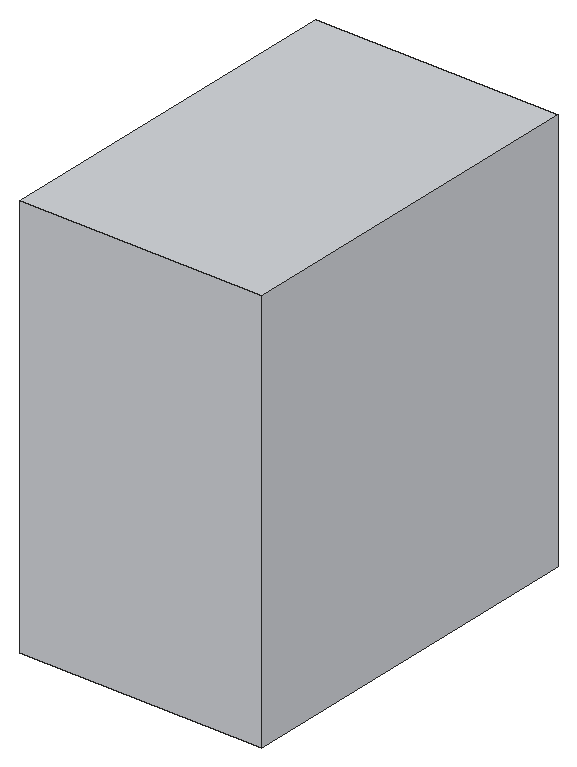
Revit family
Parameters
  Warranty Duration (Years) = 0
  Unit Width [instance] = 1' - 5 1/4"
  Unit Height [instance] = 4' - 6"
  Unit Depth = 0' - 0 1/2"
  URL = "http://www.americanspecialties.com/viewCategories.cfm"
  Trim Material = Metal - Stainless Steel
  Test Data = ""
  Specification = "http://www.arcat.com/sdspecs/htm/10810asi.htm"
  SpecWizard = ""
  Send Message = "http://www.arcat.com/users.pl?action=UserEmail&company=American%20Specialties,%20Inc.&coid=30448&rep=139&fax=914-476-0688&mf="
  Sales Information = "http://www.americanspecialties.com/contact"
  Revision = "R1_10-2010"
  Product Properties = "http://www.americanspecialties.com/datasheets/6462.pdf"
  Product Data = "http://www.arcat.com/arcatcos/cos30/arc30448.html"
  Model = "As Specified in 10 28 13"
  Manufacturer Website = "http://www.americanspecialties.com/viewCategories.cfm"
  Manufacturer Phone - Toll Free = ""
  Manufacturer Phone = "914-476-9000 "
  Manufacturer Fax = "914-476-0688"
  Manufacturer Address = "441 Saw Mill River Rd., Yonkers, NY 10701"
  Manufacturer = "American Specialties, Inc."
  Maintenance Schedule (Months) = 0
  Keynote = "10 28 13"
  Installation-Fabrication = "http://www.americanspecialties.com/products.cfm"
  Green Building-LEED = ""
  Expected Lifespan (Years) = 0
  Drawn By = "Robert S. Weygant. CSI, CDT, SCIP"  # constant formula
  Description = "Toilet Accessory as Specified in 10 28 13"
  Default Elevation = 4' - 0"
  Copyright = "©Arcat Inc."
  Construction Details = "http://www.arcat.com/green/clients/leed_data_30448.html"
  Building Codes = "http://www.americanspecialties.com/products.cfm"
  Body Material = Metal - Stainless Steel
  Assembly Code = "C1030210"
Reference planes (in)
  plane 1 "Center (Front/Back)": y = -0.29112
  plane 2 "Floor Line": z = 0
  plane 3 "Center (Left/Right)": x = -0.65843
Forms (in)
  Extrusion 1, solid
    sketch origin (-3, -9, -6) x (0, 0, -1) y (1, 0, 0)
      loop
        line (-82, 26) -> (-82, -19.34712) -> (-6, -19.34712) -> (-6, 26) -> (-82, 26)
    from 28.29112 to -41.06337
  Extrusion 2, solid, material "Metal - Stainless Steel" <- "Body Material"
    sketch origin (0, 0, 0) x (1, 0, 0) y (0, 1, 0)
      loop
        line (-8.28343, 25.70888) -> (-8.28343, -26.29112) -> (6.96657, -26.29112) -> (6.96657, 25.70888) -> (-8.28343, 25.70888)
    from 0 to -6
  Extrusion 3, solid, material "Metal - Stainless Steel" <- "Body Material"
    sketch origin (-0.90625, -0.29112, 0) x (1, 0, 0) y (0, 0, 1)
      loop
        line (-8.37718, 0) -> (8.87282, 0) -> (8.87282, 0.5) -> (-8.37718, 0.5) -> (-8.37718, 0)
    from -27 to 27
  Extrusion 4, void
    sketch origin (-0.65843, 1, 0) x (0, 1, 0) y (0, 0, 1)
      loop
        line (6.20888, -5.96875) -> (8.70888, 0) -> (8.70888, 0.96074) -> (-0.29112, 0.96074) -> (-0.29112, -5.96875) -> (6.20888, -5.96875)
    from -7.60938 to 7.60938
  Extrusion 5, void
    sketch origin (-0.65843, 0, 0) x (0, 1, 0) y (0, 0, 1)
      loop
        line (0.70888, -0.03125) -> (-26.25987, -0.03125) -> (-26.25987, -5.96875) -> (0.70888, -5.96875) -> (0.70888, -0.03125)
    from -7.60938 to 7.60938
  Extrusion 6, void
    sketch origin (-34, 1.3429, 1.82035) x (1, 0, 0) y (0, 0.386329, 0.922361)
      loop
        line (28.09288, -1.93126) -> (28.85535, -1.93126)
        arc (28.85535, -1.93126) -> (33.22411, -2.34853) -> (37.59288, -1.93126) r 23.07885
        line (37.59288, -1.93126) -> (38.36783, -1.93126)
        arc (38.36783, -1.93126) -> (38.54891, -1.67833) -> (38.35535, -1.43482) r 0.2582
        line (38.35535, -1.43482) -> (37.60535, -1.43482)
        arc (37.60535, -1.43482) -> (33.23035, -0.48426) -> (28.85535, -1.43482) r 10.54338
        line (28.85535, -1.43482) -> (28.10535, -1.43482)
        arc (28.10535, -1.43482) -> (27.91179, -1.67833) -> (28.09288, -1.93126) r 0.2582
    from -8.41971 to -8.62631
  Extrusion 7, void
    sketch origin (0, 0, 0) x (1, 0, 0) y (0, 1, 0)
      loop
        line (-8.28343, 25.70888) -> (-8.28343, -26.25987) -> (6.95094, -26.25987) -> (6.95094, 25.70888) -> (-8.28343, 25.70888)
    from 0 to -6
  Extrusion 8, solid, material "Metal - Stainless Steel" <- "Trim Material"
    sketch origin (0, 0, -0.4375) x (1, 0, 0) y (0, 1, 0)
      loop
        circle (-7.28343, -17.29112) r 0.5
      loop
        line (-7.34025, -16.87247) -> (-7.34025, -17.72198) -> (-7.22662, -17.72198) -> (-7.22662, -16.87247) -> (-7.34025, -16.87247)
      loop
        circle (-7.28343, 16.70888) r 0.5
      loop
        line (-7.34025, 16.29024) -> (-7.22662, 16.29024) -> (-7.22662, 17.13975) -> (-7.34025, 17.13975) -> (-7.34025, 16.29024)
    from 0.9375 to 1
Cuts and joins
  Extrusion 4, Extrusion 5, Extrusion 6 cuts Extrusion 2
  Extrusion 4 cuts Extrusion 3
Dimensions and locks (in)
  Extrusion 3 sketch curve to Extrusion 3 sketch curve = 1' - 5 1/4"
  Extrusion 3 sketch curve to Extrusion 3 sketch curve = 0' - 0 1/2"
  aligned and locked: Extrusion 1 to level
  aligned and locked: Extrusion 8 to cut or joined group of Extrusion 3, Extrusion 4
